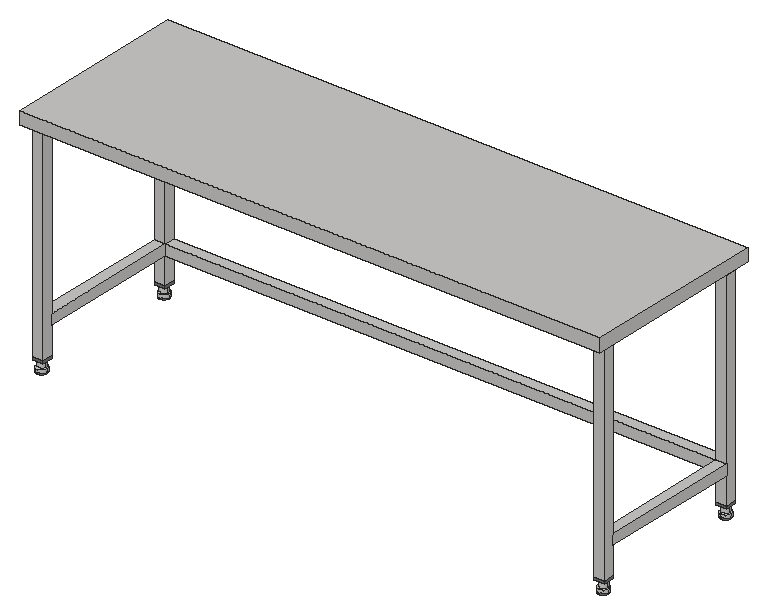
Revit family "QF_ZANUSSI_133224_TG2200N", category Attrezzature speciali, Revit 2020
Family settings
  Quota connettore circolare = Usa diametro
  Tipo di parte = Normale
  Basato su piano di lavoro = No
  Sempre verticale = Sì
  Taglio con vuoti quando caricato = No
  Condiviso = No
  Punto di calcolo locali = No
Parameters (values of type "Standard")
  Weight = 77.00 kg
  Watts = 0 W
  Volts = 0 V
  URL Manufacturer = "http://www.zanussiprofessional.com"
  URL = "http://www.zanussiprofessional.com"
  Steam Supply Size = 0 mm
  Steam Supply Minimum Pressure = 0.0 Pa
  Steam Supply Maximum Pressure = 0.0 Pa
  Steam Consumption per Hour = 0
  Refrigeration Suction Line Size = 0.0 mm
  Refrigeration Liquid Line Size = 0.0 mm
  Refrigerant Compressor Remote = yes
  Prospetto di default = 0.0 mm
  Produttore = "Zanussi"
  Phase = 0
  Modello = "TG2200N"
  Length Actual = 2200.0 mm  # constant formula
  Item Number = "133224"
  Hot Water Size = 0 mm
  Height Actual = 900.0 mm  # constant formula
  HP = "0 HP"
  Gas Size = 0 mm
  Gas KW = 0
  Gas Input Pressure = 0 W
  Direct Waste Size = 0 mm
  Descrizione = "WORK TABLE 2200 MM+UNDERFRAME"
  Depth Actual = 700.0 mm  # constant formula
  Cycle = 0 Hz
  Condensate Return Size = 0 mm
  Compressed Air Volume = 0.0 L/s
  Compressed Air Size = 0 mm
  Compressed Air Pressure = 0.0 Pa
  Cold Water Size = 0 mm
  Accessory = yes
Reference planes
  plane 1 "Center (Front/Back)": y = 0
  plane 2: z = 0
  plane 3 "Center (Left/Right)": x = -600
  plane 4 "LEFT": x = -1700
  plane 5 "RIGHT": x = 500
  plane 6 "BACK": y = 350
  plane 7 "FRONT": y = -350
  plane 8 "Base": z = 850
  plane 9 "TOP": z = 900
  plane 10: x = -1664.5
  plane 11: x = 464.5
  plane 12: y = 290
  plane 13: y = -290
Forms (mm)
  Extrusion 1, solid, material "QF_Finishes_Stainless Steel"
    sketch origin (-600, 0, 0) x (0, 1, 0) y (0, 0, 1)
      loop
        line (-350, 850) -> (350, 850) -> (350, 900) -> (-350, 900) -> (-350, 850)
    from 1100 to -1100
  Extrusion 2, solid, material "QF_Finishes_Stainless Steel"
    sketch origin (-600, 0, 0) x (0, 1, 0) y (0, 0, 1)
      loop
        line (270, 195) -> (270, 155) -> (310, 155) -> (310, 195) -> (270, 195)
    from 1044.5 to -1044.5
  Extrusion 3, solid, material "QF_Finishes_Stainless Steel"
    sketch origin (0, 0, 0) x (1, 0, 0) y (0, 0, 1)
      loop
        line (-1644.5, 195) -> (-1684.5, 195) -> (-1684.5, 155) -> (-1644.5, 155) -> (-1644.5, 195)
      loop
        line (484.5, 195) -> (444.5, 195) -> (444.5, 155) -> (484.5, 155) -> (484.5, 195)
    from 270 to -270
Lines and regions (mm)
  symbolic lines
    curve 1: line (500, 350, 900) -> (-1700, 350, 900)
    curve 2: line (-1700, 350, 900) -> (-1700, -350, 900)
    curve 3: line (-1700, -350, 900) -> (500, -350, 900)
    curve 4: line (500, -350, 900) -> (500, 350, 900)
    curve 5: line (500, 337, 900) -> (-1700, 337, 900)
Dimensions and locks
  plane 4 "LEFT" to plane 5 "RIGHT" = 2200.0 mm
  equal spacing: plane 4 "LEFT", plane 3 "Center (Left/Right)", plane 5 "RIGHT"
  plane 4 "LEFT" to plane 10 = 35.5 mm
  plane 11 to plane 5 "RIGHT" = 35.5 mm
  plane 10 to plane 11 = 2129.0 mm
  plane 6 "BACK" to plane 12 = 60.0 mm
  plane 13 to plane 7 "FRONT" = 60.0 mm
  plane 6 "BACK" to plane 7 "FRONT" = 700.0 mm
  plane 12 to plane 13 = 580.0 mm
  equal spacing: plane 6 "BACK", plane 1 "Center (Front/Back)", plane 7 "FRONT"
  locked: plane 9 "TOP" to level at 900
  locked: plane 8 "Base" to level at 850
  aligned and locked: level to plane 2
  aligned and locked: plane 11 to nested 2
  aligned and locked: nested 2 to plane 12
  aligned and locked: plane 10 to nested 1
  aligned and locked: nested 1 to plane 12
  aligned and locked: Extrusion 1 to plane 4 "LEFT"
  aligned and locked: plane 5 "RIGHT" to Extrusion 1
  aligned and locked: curve 2 to plane 4 "LEFT"
  aligned and locked: nested 4 to nested 3
  aligned and locked: plane 10 to nested 4
  aligned and locked: nested 4 to plane 13
  aligned and locked: nested 3 to plane 13
Automatic sketch dimensions
  curve 3 to plane 7 "FRONT" = 0.0 mm
  curve 5 to plane 5 "RIGHT" = 0.0 mm
  curve 4 to plane 6 "BACK" = 0.0 mm
  curve 5 to plane 6 "BACK" = 13.0 mm
  Extrusion 1 sketch curve to plane 7 "FRONT" = 0.0 mm
  Extrusion 1 sketch curve to plane 9 "TOP" = 0.0 mm
  Extrusion 1 sketch curve to plane 8 "Base" = 0.0 mm
  Extrusion 2 sketch curve to plane 12 = 20.0 mm
  plane 12 to Extrusion 2 sketch curve = 20.0 mm
  level to Extrusion 2 sketch curve = 155.0 mm
  Extrusion 2 sketch curve to Extrusion 2 sketch curve = 40.0 mm
  plane 4 "LEFT" to Extrusion 3 sketch curve = 15.5 mm
  plane 10 to Extrusion 3 sketch curve = 20.0 mm
  Extrusion 3 sketch curve to plane 11 = 20.0 mm
  Extrusion 3 sketch curve to plane 5 "RIGHT" = 15.5 mm
  level to Extrusion 3 sketch curve = 155.0 mm  (x2)
  Extrusion 3 sketch curve to Extrusion 3 sketch curve = 40.0 mm  (x2)
  Extrusion 1 sketch curve to plane 6 "BACK" = 0.0 mm
Nested families
  nested 1: "FEET_40x40_APP42" at (-1664.5, 290, 0), type "FEET_40x40_APP42"
  nested 2: "FEET_40x40_APP42" at (464.5, 290, 0), type "FEET_40x40_APP42"
  nested 3: "FEET_40x40_APP42" at (464.5, -290, 0), type "FEET_40x40_APP42"
  nested 4: "FEET_40x40_APP42" at (-1664.5, -290, 0), type "FEET_40x40_APP42"
Definition of nested family "FEET_40x40_APP42"
  Parameters
    Default Elevation = 0.0 mm
    FEET = 850.0 mm
  Reference planes
    plane 1 "Center (Front/Back)": y = 0
    plane 2: z = 0
    plane 3 "Center (Left/Right)": x = 0
    plane 4: z = 850
  Forms (mm)
    Extrusion 1, solid
      sketch origin (0, 0, 0) x (1, 0, 0) y (0, 1, 0)
        loop
          line (-20, -20) -> (20, -20) -> (20, 20) -> (-20, 20) -> (-20, -20)
      from 50 to 845
    Extrusion 2, solid
      sketch origin (0, 0, 0) x (1, 0, 0) y (0, 1, 0)
        loop
          circle (0, 0) r 20
      from 0 to 5
    Extrusion 3, solid
      sketch origin (0, 0, 0) x (1, 0, 0) y (0, 1, 0)
        loop
          line (30, 30) -> (-30, 30) -> (-30, -30) -> (30, -30) -> (30, 30)
      from 845 to 850
    Extrusion 4, solid
      sketch origin (0, 0, 0) x (1, 0, 0) y (0, 1, 0)
        loop
          line (-20, -20) -> (20, -20) -> (20, 20) -> (-20, 20) -> (-20, -20)
      from 50 to 42
    Revolve 5, solid
      sketch origin (0, 0, 0) x (1, 0, 0) y (0, 0, 1)
        loop
          line (0, 42) -> (-15, 42) -> (-15, 20) -> (-20, 15) -> (-20, 5) -> (0, 5) -> (0, 42)
        axis (0, 42) -> (0, 5)
      angle from 0 to 360
  Lines and regions (mm)
    symbolic lines
      curve 1: line (0, -1.503, 0) -> (0, 1.508, 0)
      curve 2: line (1.561, 0, 0) -> (-1.439, 0, 0)
  Dimensions and locks
    "FEET": plane 4 to plane 2
    aligned and locked: level to plane 2
  Automatic sketch dimensions
    plane 1 "Center (Front/Back)" to curve 2 = 0.0 mm
    curve 1 to plane 3 "Center (Left/Right)" = 0.0 mm
    curve 2 to plane 3 "Center (Left/Right)" = 1.439 mm
    plane 3 "Center (Left/Right)" to curve 2 = 1.561 mm
    plane 1 "Center (Front/Back)" to curve 1 = 1.503 mm
    curve 1 to plane 1 "Center (Front/Back)" = 1.508 mm
    Extrusion 1 sketch curve to plane 3 "Center (Left/Right)" = 20.0 mm
    plane 3 "Center (Left/Right)" to Extrusion 1 sketch curve = 20.0 mm
    plane 1 "Center (Front/Back)" to Extrusion 1 sketch curve = 20.0 mm
    Extrusion 1 sketch curve to plane 1 "Center (Front/Back)" = 20.0 mm
    plane 1 "Center (Front/Back)" to Extrusion 2 sketch curve = 0.0 mm
    Extrusion 2 sketch curve to plane 3 "Center (Left/Right)" = 0.0 mm
    Extrusion 3 sketch curve to plane 3 "Center (Left/Right)" = 30.0 mm
    plane 3 "Center (Left/Right)" to Extrusion 3 sketch curve = 30.0 mm
    plane 1 "Center (Front/Back)" to Extrusion 3 sketch curve = 30.0 mm
    Extrusion 3 sketch curve to plane 1 "Center (Front/Back)" = 30.0 mm
    Extrusion 4 sketch curve to plane 3 "Center (Left/Right)" = 20.0 mm
    plane 3 "Center (Left/Right)" to Extrusion 4 sketch curve = 20.0 mm
    plane 1 "Center (Front/Back)" to Extrusion 4 sketch curve = 20.0 mm
    Extrusion 4 sketch curve to plane 1 "Center (Front/Back)" = 20.0 mm
    Revolve 5 sketch curve to plane 3 "Center (Left/Right)" = 0.0 mm  (x2)
    Revolve 5 sketch curve to plane 3 "Center (Left/Right)" = 15.0 mm
    Revolve 5 sketch curve to Revolve 5 sketch curve = 5.0 mm  (x3)
    level to Revolve 5 sketch curve = 5.0 mm
    Revolve 5 sketch curve to Revolve 5 sketch curve = 10.0 mm
    Revolve 5 sketch curve to Revolve 5 sketch curve = 22.0 mm
    Revolve 5 sketch curve to level = 9.561 mm
    radius of Extrusion 2 sketch curve = 20.0 mm
